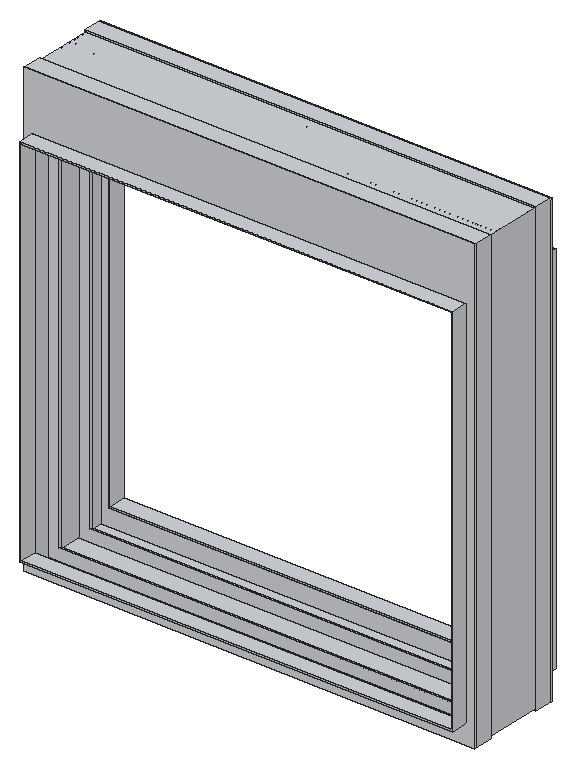
Revit family "FD-ACHP", category Mechanical Equipment, Revit 2015
Parameters
  URL = "https://unitedenertech.com/catalog/pdf/A-19%20%20FD-ACHP.pdf"
  Type Comments = "Max. Sizes are (Rectangular or Oval, Vertical or Horizontal 48\"w x 48\"h) (Round Vertical 42\" Diameter) (Round Horizontal 35\" Diameter)"
  Model = "FD-ACHP"
  Manufacturer = "United Enertech Corporation"
  Keynote = "Rectangular Transitions Shown, Consult Factory for Models with Round or Oval Transitions"
  Duct Width [instance] = Damper Width - 0' 1"  # 1' - 11"
  Duct Height [instance] = Damper Height - 0' 1" - (if(Damper Height < 1' 10 1/4", 0' 2", if(Damper Height < 2' 11 1/4", 0' 3", if(Damper Height < 3' 10 1/4", 0' 4", if(Damper Height < 4' 0 1/4", 0' 5", 0' 5")))))  # 1' - 8"
  Damper Width = 2' - 0"
  Description = "Welded Curtain Fire Damper for use in Static Systems"
  Damper Height = 2' - 0"
  Depth = 0' - 5"
  Blade Width [instance] = Damper Width - 0' 0 1/8"  # 1' - 11 7/8"
  Blade Pair Number [instance] = (Damper Height - 0' 0 9/128") / 0' 3 7/8"  # 6
  "B" = if(Damper Height < 1' 10 1/4", 0' 2", if(Damper Height < 2' 11 1/4", 0' 3", if(Damper Height < 3' 10 1/4", 0' 4", if(Damper Height < 4' 0 1/4", 0' 5", 0' 5"))))  # 0' - 3"
Reference planes (in)
  plane 1 "Center (Front/Back)": y = 0
  plane 2: z = 0
  plane 3 "Center (Left/Right)": x = 0
  plane 4: x = -12
  plane 5: x = 12
  plane 6: y = -2.5
  plane 7: y = 2.5
  plane 8: z = 24
  plane 9: x = -11.9641
  plane 10: x = 11.9641
  plane 11: z = 0.0359
  plane 12: z = 23.9641
  plane 13: y = 1.09375
  plane 14: y = -1.09375
  plane 15: y = -0.96875
  plane 16: y = 0.96875
  plane 17: z = 0.6609
  plane 18: x = -11.3391
  plane 19: x = 11.3391
  plane 20: z = 23.3391
  plane 21: z = 21
  plane 22: z = 21.0359
  plane 23: x = -0.25
  plane 24: x = 0.25
  plane 25: z = 12
Forms (in)
  Extrusion 1, solid
    sketch origin (0, 0, 0) x (1, 0, 0) y (0, 0, 1)
      loop
        line (-11.9641, 23.9641) -> (-11.9641, 0.0359) -> (11.9641, 0.0359) -> (11.9641, 23.9641) -> (-11.9641, 23.9641)
      loop
        line (-12, 24) -> (-12, 0) -> (12, 0) -> (12, 24) -> (-12, 24)
    from -2.5 to 2.5
  Extrusion 2, solid
    sketch origin (0, 0, 0) x (1, 0, 0) y (0, 0, 1)
      loop
        line (-11.3391, 23.3391) -> (-11.3391, 0.6609) -> (11.3391, 0.6609) -> (11.3391, 23.3391) -> (-11.3391, 23.3391)
      loop
        line (-11.9641, 23.9641) -> (-11.9641, 0.0359) -> (11.9641, 0.0359) -> (11.9641, 23.9641) -> (-11.9641, 23.9641)
    from 0.96875 to 1.09375
  Extrusion 3, solid
    sketch origin (0, 0, 0) x (1, 0, 0) y (0, 0, 1)
      loop
        line (-11.3391, 23.3391) -> (-11.3391, 0.6609) -> (11.3391, 0.6609) -> (11.3391, 23.3391) -> (-11.3391, 23.3391)
      loop
        line (-11.9641, 23.9641) -> (-11.9641, 0.0359) -> (11.9641, 0.0359) -> (11.9641, 23.9641) -> (-11.9641, 23.9641)
    from -1.09375 to -0.96875
  Extrusion 4, solid
    sketch origin (0, 0, 0) x (0, 1, 0) y (0, 0, 1)
      loop
        line (0.96875, 23.9641) -> (0.93285, 23.9641) -> (0.93285, 21) -> (1.43285, 21) -> (1.43285, 21.45) -> (1.39695, 21.45) -> (1.39695, 21.0359) -> (0.96875, 21.0359) -> (0.96875, 23.9641)
    from -0.25 to 0.25
  Extrusion 5, solid
    sketch origin (0, 0, 0) x (0, -1, 0) y (0, 0, -1)
      loop
        line (0.96875, -23.9641) -> (0.96875, -21.0359) -> (1.39695, -21.0359) -> (1.39695, -21.45) -> (1.43285, -21.45) -> (1.43285, -21) -> (0.93285, -21) -> (0.93285, -23.9641) -> (0.96875, -23.9641)
    from -0.25 to 0.25
Dimensions and locks (in)
  equal spacing: plane 4, plane 3 "Center (Left/Right)", plane 5
  "Damper Width": plane 4 to plane 5
  equal spacing: plane 7, plane 1 "Center (Front/Back)", plane 6
  "Depth": plane 7 to plane 6
  "Damper Height": plane 8 to level
  locked: plane 9 to plane 4 at 0.0359
  locked: plane 5 to plane 10 at 0.0359
  locked: plane 8 to plane 12 at 0.0359
  locked: plane 11 to level at 0.0359
  locked: plane 13 to plane 14 at 2.1875
  locked: plane 15 to plane 14 at 0.125
  locked: plane 13 to plane 16 at 0.125
  locked: plane 18 to plane 9 at 0.625
  locked: plane 10 to plane 19 at 0.625
  locked: plane 17 to plane 11 at 0.625
  locked: plane 12 to plane 20 at 0.625
  ""B"": plane 8 to plane 21
  locked: plane 22 to plane 21 at 0.0359
  equal spacing: group 1, group 2, group 3, group 4, group 5, group 6  (x2)
  equal spacing: group 6, group 5, group 4, group 3, group 2, group 1
  locked: nested 1 to nested 2 at 0.40625
  equal spacing: plane 8, plane 25, level
  aligned and locked: level to plane 2
  aligned and locked: level to Extrusion 1 sketch curve
  aligned and locked: Extrusion 1 sketch curve to plane 4
  aligned and locked: Extrusion 1 sketch curve to plane 5
  aligned and locked: Extrusion 1 sketch curve to plane 8
  aligned and locked: Extrusion 1 sketch curve to plane 12
  aligned and locked: plane 10 to Extrusion 1 sketch curve
  aligned and locked: plane 11 to Extrusion 1 sketch curve
  aligned and locked: plane 9 to Extrusion 1 sketch curve
  aligned and locked: plane 7 to Extrusion 1
  aligned and locked: Extrusion 1 to plane 6
  aligned and locked: plane 11 to Extrusion 2 sketch curve
  aligned and locked: plane 9 to Extrusion 2 sketch curve
  aligned and locked: plane 10 to Extrusion 2 sketch curve
  aligned and locked: Extrusion 2 sketch curve to plane 12
  aligned and locked: Extrusion 2 sketch curve to plane 20
  aligned and locked: Extrusion 2 sketch curve to plane 19
  aligned and locked: plane 17 to Extrusion 2 sketch curve
  aligned and locked: Extrusion 2 sketch curve to plane 18
  aligned and locked: plane 13 to Extrusion 3
  aligned and locked: Extrusion 3 to plane 16
  aligned and locked: plane 15 to Extrusion 2
  aligned and locked: Extrusion 2 to plane 14
  aligned and locked: plane 3 "Center (Left/Right)" to nested 1
  aligned and locked: plane 12 to nested 1
  aligned and locked: plane 21 to Extrusion 4 sketch curve
  aligned and locked: plane 23 to Extrusion 5
  aligned and locked: plane 23 to Extrusion 4
  aligned and locked: plane 24 to Extrusion 5
  aligned and locked: plane 24 to Extrusion 4
  aligned and locked: plane 22 to nested 4
  aligned and locked: plane 3 "Center (Left/Right)" to nested 5
  aligned and locked: nested 5 to plane 6
  aligned and locked: level to nested 5
  aligned and locked: nested 6 to level
Automatic sketch dimensions
  Extrusion 3 sketch curve to plane 9 = 0' - 0"
  Extrusion 3 sketch curve to plane 17 = 0' - 0"
  plane 18 to Extrusion 3 sketch curve = 0' - 0"
  Extrusion 3 sketch curve to plane 19 = 0' - 0"
  plane 10 to Extrusion 3 sketch curve = 0' - 0"
  Extrusion 3 sketch curve to plane 11 = 0' - 0"
  Extrusion 3 sketch curve to plane 20 = 0' - 0"
  Extrusion 3 sketch curve to plane 12 = 0' - 0"
  Extrusion 4 sketch curve to plane 12 = 0' - 0"
  Extrusion 4 sketch curve to plane 16 = 0' - 0"
  plane 22 to Extrusion 4 sketch curve = 0' - 0"
  Extrusion 4 sketch curve to plane 16 = 0' - 0.0359"
  plane 13 to Extrusion 4 sketch curve = 0' - 0.3032"
  Extrusion 4 sketch curve to Extrusion 4 sketch curve = 0' - 0.0359"
  Extrusion 4 sketch curve to plane 22 = 0' - 0.4141"
  Extrusion 5 sketch curve to plane 21 = 0' - 0"
  Extrusion 5 sketch curve to plane 12 = 0' - 0"
  Extrusion 5 sketch curve to plane 15 = 0' - 0"
  plane 22 to Extrusion 5 sketch curve = 0' - 0"
  Extrusion 5 sketch curve to plane 15 = 0' - 0.0359"
  plane 14 to Extrusion 5 sketch curve = 0' - 0.3032"
  Extrusion 5 sketch curve to Extrusion 5 sketch curve = 0' - 0.0359"
  plane 22 to Extrusion 5 sketch curve = 0' - 0.4141"
Nested families (in)
  nested 1: "FD-SALB BLADESEDITED" at (0, 1.17008, 23.12138), type "FD-SALB BLADESEDITED"
  nested 2: "FD-SALB BLADESEDITED" at (0, 1.17008, 22.71513), type "FD-SALB BLADESEDITED"
  nested 3: "FD-SALB BLADESEDITED" at (0, 1.17008, 22.30888), type "FD-SALB BLADESEDITED"
  nested 4: "EFL" at (4.62017, 3.54736, 21.0359), type "EFL"
  nested 5: "Transition" at (0, -2.5, 12), type "Transition"
    with Duct Width 1' - 11", Duct Height 1' - 8", Damper Width 2' - 0", Damper Height 2' - 0"
  nested 6: "Transition" at (0, 2.5, 12), type "Transition"
    with Duct Width 1' - 11", Duct Height 1' - 8", Damper Width 2' - 0", Damper Height 2' - 0"
  nested 7: "FD-SALB BLADESEDITED" at (0, 1.17008, 21.90263), type "FD-SALB BLADESEDITED"
  nested 8: "FD-SALB BLADESEDITED" at (0, 1.17008, 21.49638), type "FD-SALB BLADESEDITED"
  nested 9: "FD-SALB BLADESEDITED" at (0, 1.17008, 21.09013), type "FD-SALB BLADESEDITED"
Definition of nested family "FD-SALB BLADESEDITED"
  Parameters (values of type "FD-SALB BLADESEDITED")
    Blade Width = 1' - 11 7/8"
  Reference planes (in)
    plane 1 "Center (Front/Back)": y = 0
    plane 2: z = 0
    plane 3 "Center (Left/Right)": x = 0
    plane 4: x = -11.9375
    plane 5: x = 11.9375
  Forms (in)
    Extrusion 1, solid
      sketch origin (0, 0, 0) x (0, 1, 0) y (0, 0, 1)
        loop
          line (-0.31672, 0.53073) -> (-0.3446, 0.62657)
          arc (-0.3446, 0.62657) -> (-0.33726, 0.6415) -> (-0.32269, 0.63348) r 0.0115
          line (-0.32269, 0.63348) -> (-0.30545, 0.53536)
          arc (-0.30545, 0.53536) -> (-0.31611, 0.49773) -> (-0.35217, 0.48264) r 0.045
          line (-0.35217, 0.48264) -> (-0.39872, 0.48554)
          arc (-0.39872, 0.48554) -> (-0.42675, 0.49692) -> (-0.44125, 0.52348) r 0.045
          line (-0.44125, 0.52348) -> (-0.47071, 0.66865)
          arc (-0.47071, 0.66865) -> (-0.48965, 0.70349) -> (-0.5262, 0.7189) r 0.06
          line (-0.5262, 0.7189) -> (-1.55698, 0.78305) -> (-1.76244, 0.79584)
          arc (-1.76244, 0.79584) -> (-1.79846, 0.78683) -> (-1.82228, 0.75836) r 0.06
          line (-1.82228, 0.75836) -> (-1.88016, 0.61423)
          arc (-1.88016, 0.61423) -> (-1.90974, 0.57877) -> (-1.95445, 0.56733) r 0.075
          arc (-1.95445, 0.56733) -> (-2.03902, 0.60869) -> (-2.06957, 0.69773) r 0.123
          line (-2.06957, 0.69773) -> (-2.06418, 0.78456)
          arc (-2.06418, 0.78456) -> (-2.05371, 0.80551) -> (-2.03138, 0.81256) r 0.03
          line (-2.03138, 0.81256) -> (-1.90763, 0.80489) -> (-1.90763, 0.8362) -> (-2.01284, 0.84272) -> (-2.04641, 0.84272)
          arc (-2.04641, 0.84272) -> (-2.08042, 0.82292) -> (-2.09536, 0.7865) r 0.06125
          line (-2.09536, 0.7865) -> (-2.10077, 0.69966)
          arc (-2.10077, 0.69966) -> (-2.06244, 0.58801) -> (-1.95639, 0.53614) r 0.15425
          arc (-1.95639, 0.53614) -> (-1.89306, 0.55235) -> (-1.8512, 0.60257) r 0.10625
          line (-1.8512, 0.60257) -> (-1.7933, 0.74674)
          arc (-1.7933, 0.74674) -> (-1.78183, 0.76038) -> (-1.76452, 0.76466) r 0.02875
          line (-1.76452, 0.76466) -> (-1.55892, 0.75186) -> (-0.52813, 0.68773)
          arc (-0.52813, 0.68773) -> (-0.51045, 0.68016) -> (-0.50148, 0.66314) r 0.02875
          line (-0.50148, 0.66314) -> (-0.47199, 0.51784)
          arc (-0.47199, 0.51784) -> (-0.4474, 0.47346) -> (-0.4004, 0.45434) r 0.07625
          line (-0.4004, 0.45434) -> (-0.35398, 0.45144)
          arc (-0.35398, 0.45144) -> (-0.29278, 0.47694) -> (-0.27468, 0.54073) r 0.07625
          line (-0.27468, 0.54073) -> (-0.29191, 0.63889)
          arc (-0.29191, 0.63889) -> (-0.33988, 0.67434) -> (-0.37768, 0.6282) r 0.04327
          line (-0.37768, 0.6282) -> (-0.34677, 0.52199) -> (-0.31672, 0.53073)
      from -11.9375 to 11.9375
    Extrusion 2, solid
      sketch origin (0, 0, 0) x (0, 1, 0) y (0, 0, 1)
        loop
          arc (-0.31635, 0.67497) -> (-0.29361, 0.66856) -> (-0.28256, 0.64768) r 0.03
          line (-0.28256, 0.64768) -> (-0.2714, 0.56286)
          arc (-0.2714, 0.56286) -> (-0.29582, 0.47194) -> (-0.37737, 0.42491) r 0.123
          arc (-0.37737, 0.42491) -> (-0.42275, 0.43328) -> (-0.45469, 0.46664) r 0.075
          line (-0.45469, 0.46664) -> (-0.52225, 0.60648)
          arc (-0.52225, 0.60648) -> (-0.54755, 0.63305) -> (-0.58358, 0.63992) r 0.06
          line (-0.58358, 0.63992) -> (-0.78858, 0.61304) -> (-1.81262, 0.47877)
          arc (-1.81262, 0.47877) -> (-1.84723, 0.46173) -> (-1.86432, 0.42714) r 0.06
          line (-1.86432, 0.42714) -> (-1.88437, 0.27537)
          arc (-1.88437, 0.27537) -> (-1.89734, 0.2499) -> (-1.92301, 0.23735) r 0.045
          line (-1.92301, 0.23735) -> (-1.96868, 0.2314)
          arc (-1.96868, 0.2314) -> (-2.00696, 0.24361) -> (-2.02023, 0.28153) r 0.045
          line (-2.02023, 0.28153) -> (-2.00995, 0.379)
          arc (-2.00995, 0.379) -> (-1.99657, 0.38882) -> (-1.98728, 0.37505) r 0.0115
          line (-1.98728, 0.37505) -> (-2.00879, 0.27676) -> (-1.97772, 0.26996) -> (-1.95543, 0.37179)
          arc (-1.95543, 0.37179) -> (-1.99381, 0.41919) -> (-2.04121, 0.38081) r 0.04313
          line (-2.04121, 0.38081) -> (-2.05127, 0.28509)
          arc (-2.05127, 0.28509) -> (-2.02877, 0.22122) -> (-1.96431, 0.20045) r 0.07625
          line (-1.96431, 0.20045) -> (-1.91897, 0.20638)
          arc (-1.91897, 0.20638) -> (-1.87533, 0.22771) -> (-1.85342, 0.27106) r 0.07625
          line (-1.85342, 0.27106) -> (-1.83333, 0.42305)
          arc (-1.83333, 0.42305) -> (-1.82514, 0.43962) -> (-1.80853, 0.44779) r 0.02875
          line (-1.80853, 0.44779) -> (-0.78452, 0.58205) -> (-0.57967, 0.60892)
          arc (-0.57967, 0.60892) -> (-0.56246, 0.60559) -> (-0.55039, 0.5929) r 0.02875
          line (-0.55039, 0.5929) -> (-0.48278, 0.45303)
          arc (-0.48278, 0.45303) -> (-0.4376, 0.40578) -> (-0.37331, 0.39393) r 0.10625
          arc (-0.37331, 0.39393) -> (-0.27103, 0.4529) -> (-0.24041, 0.56695) r 0.15425
          line (-0.24041, 0.56695) -> (-0.2515, 0.65113)
          arc (-0.2515, 0.65113) -> (-0.27433, 0.69316) -> (-0.32041, 0.70596) r 0.06125
          line (-0.32041, 0.70596) -> (-0.44437, 0.68971) -> (-0.44031, 0.65872) -> (-0.31635, 0.67497)
      from -11.9375 to 11.9375
  Dimensions and locks (in)
    equal spacing: plane 4, plane 3 "Center (Left/Right)", plane 5
    "Blade Width": plane 4 to plane 5
    aligned and locked: level to plane 2
    aligned and locked: plane 4 to Extrusion 1
    aligned and locked: plane 4 to Extrusion 2
    aligned and locked: plane 5 to Extrusion 1
    aligned and locked: plane 5 to Extrusion 2
  Automatic sketch dimensions
    Extrusion 2 sketch curve to Extrusion 2 sketch curve = 0' - 0"  (x35)
    level to Extrusion 2 sketch curve = 0' - 0.28509"
    plane 1 "Center (Front/Back)" to Extrusion 2 sketch curve = 0' - 2.05127"
    level to Extrusion 2 sketch curve = 0' - 0.38081"
    Extrusion 2 sketch curve to Extrusion 2 sketch curve = 0' - 0.01006"
    level to Extrusion 2 sketch curve = 0' - 0.28153"
    Extrusion 2 sketch curve to Extrusion 2 sketch curve = 0' - 0.03105"
    level to Extrusion 2 sketch curve = 0' - 0.27676"
    Extrusion 2 sketch curve to Extrusion 2 sketch curve = 0' - 0.01143"  (x2)
    Extrusion 2 sketch curve to Extrusion 2 sketch curve = 0' - 0.04266"
    Extrusion 2 sketch curve to Extrusion 2 sketch curve = 0' - 0.00023"
    level to Extrusion 2 sketch curve = 0' - 0.26996"
    Extrusion 2 sketch curve to Extrusion 2 sketch curve = 0' - 0.03107"
    Extrusion 2 sketch curve to Extrusion 2 sketch curve = 0' - 0.00213"
    level to Extrusion 2 sketch curve = 0' - 0.2314"
    Extrusion 2 sketch curve to Extrusion 2 sketch curve = 0' - 0.00904"
    level to Extrusion 2 sketch curve = 0' - 0.20045"
    level to Extrusion 2 sketch curve = 0' - 0.37179"
    Extrusion 2 sketch curve to Extrusion 2 sketch curve = 0' - 0.0467"
    level to Extrusion 2 sketch curve = 0' - 0.27537"
    Extrusion 2 sketch curve to Extrusion 2 sketch curve = 0' - 0.04451"
    level to Extrusion 2 sketch curve = 0' - 0.27106"
    Extrusion 2 sketch curve to Extrusion 2 sketch curve = 0' - 0.03095"
    Extrusion 2 sketch curve to Extrusion 2 sketch curve = 0' - 0.0486"
    plane 1 "Center (Front/Back)" to Extrusion 2 sketch curve = 0' - 0.78452"
    Extrusion 2 sketch curve to Extrusion 2 sketch curve = 0' - 0.20094"
    Extrusion 2 sketch curve to Extrusion 2 sketch curve = 0' - 0 1/256"  (x2)
    Extrusion 2 sketch curve to Extrusion 2 sketch curve = 0' - 0.0034"
    Extrusion 2 sketch curve to Extrusion 2 sketch curve = 0' - 0.13921"
    Extrusion 2 sketch curve to Extrusion 2 sketch curve = 0' - 0.00406"  (x3)
    Extrusion 2 sketch curve to Extrusion 2 sketch curve = 0' - 0.04695"
    Extrusion 2 sketch curve to Extrusion 2 sketch curve = 0' - 0.00624"
    Extrusion 2 sketch curve to Extrusion 2 sketch curve = 0' - 0.0809"
    Extrusion 2 sketch curve to Extrusion 2 sketch curve = 0' - 0.0299"
    Extrusion 2 sketch curve to Extrusion 2 sketch curve = 0' - 0.03106"
    Extrusion 2 sketch curve to Extrusion 2 sketch curve = 0' - 0.00661"
    Extrusion 2 sketch curve to Extrusion 2 sketch curve = 0' - 0.00119"
    Extrusion 2 sketch curve to Extrusion 2 sketch curve = 0' - 0.14822"
    level to Extrusion 2 sketch curve = 0' - 0.49927"
    Extrusion 2 sketch curve to Extrusion 2 sketch curve = 0' - 0.04759"
    Extrusion 2 sketch curve to Extrusion 2 sketch curve = 0' - 0.0335"
    Extrusion 2 sketch curve to Extrusion 2 sketch curve = 0' - 0.00168"
    Extrusion 2 sketch curve to Extrusion 2 sketch curve = 0' - 0.02855"
    Extrusion 2 sketch curve to Extrusion 2 sketch curve = 0' - 0.031"
    Extrusion 2 sketch curve to Extrusion 2 sketch curve = 0' - 0.09835"
    Extrusion 2 sketch curve to Extrusion 2 sketch curve = 0' - 0.00246"
    Extrusion 2 sketch curve to Extrusion 2 sketch curve = 0' - 0.00345"
    Extrusion 2 sketch curve to Extrusion 2 sketch curve = 0' - 0.11186"
    Extrusion 2 sketch curve to Extrusion 2 sketch curve = 0' - 0.03098"  (x3)
    level to Extrusion 2 sketch curve = 0' - 0.37898"
    Extrusion 2 sketch curve to Extrusion 2 sketch curve = 0' - 0.00003"  (x4)
    Extrusion 2 sketch curve to Extrusion 2 sketch curve = 0' - 0.01101"
    level to Extrusion 2 sketch curve = 0' - 0.37505"
    Extrusion 2 sketch curve to Extrusion 2 sketch curve = 0' - 0.00585"
    level to Extrusion 2 sketch curve = 0' - 0.23735"
    Extrusion 2 sketch curve to Extrusion 2 sketch curve = 0' - 0.00404"
    level to Extrusion 2 sketch curve = 0' - 0.20636"
    level to Extrusion 2 sketch curve = 0' - 0.42714"
    Extrusion 2 sketch curve to Extrusion 2 sketch curve = 0' - 0.0595"
    level to Extrusion 2 sketch curve = 0' - 0.42305"
    Extrusion 2 sketch curve to Extrusion 2 sketch curve = 0' - 0.02852"
    Extrusion 2 sketch curve to Extrusion 2 sketch curve = 0' - 0.0207"
    level to Extrusion 2 sketch curve = 0' - 0.47878"
    Extrusion 2 sketch curve to Extrusion 2 sketch curve = 0' - 0.00374"
    level to Extrusion 2 sketch curve = 0' - 0.44779"
    Extrusion 2 sketch curve to Extrusion 2 sketch curve = 0' - 0.02588"
    Extrusion 2 sketch curve to Extrusion 2 sketch curve = 0' - 0.02814"
    Extrusion 2 sketch curve to Extrusion 2 sketch curve = 0' - 0.0957"
    Extrusion 2 sketch curve to Extrusion 2 sketch curve = 0' - 0.00004"  (x2)
    Extrusion 2 sketch curve to Extrusion 2 sketch curve = 0' - 0.02809"
    Extrusion 2 sketch curve to Extrusion 2 sketch curve = 0' - 0.00975"
    Extrusion 2 sketch curve to Extrusion 2 sketch curve = 0' - 0.00796"
    Extrusion 2 sketch curve to Extrusion 2 sketch curve = 0' - 0.01116"
    Extrusion 2 sketch curve to Extrusion 2 sketch curve = 0' - 0.00002"
    Extrusion 1 sketch curve to Extrusion 1 sketch curve = 0' - 0"  (x30)
    level to Extrusion 1 sketch curve = 0' - 0.7827"
    plane 1 "Center (Front/Back)" to Extrusion 1 sketch curve = 0' - 2.03423"
    Extrusion 1 sketch curve to Extrusion 1 sketch curve = 0' - 0.00284"
    Extrusion 1 sketch curve to Extrusion 1 sketch curve = 0' - 0.01854"
    Extrusion 1 sketch curve to Extrusion 1 sketch curve = 0' - 0.08443"
    Extrusion 1 sketch curve to Extrusion 1 sketch curve = 0' - 0.00298"
    Extrusion 1 sketch curve to Extrusion 1 sketch curve = 0' - 0.03918"
    Extrusion 1 sketch curve to Extrusion 1 sketch curve = 0' - 0.14102"
    level to Extrusion 1 sketch curve = 0' - 0.76466"
    Extrusion 1 sketch curve to Extrusion 1 sketch curve = 0' - 0.00209"
    level to Extrusion 1 sketch curve = 0' - 0.79584"
    Extrusion 1 sketch curve to Extrusion 1 sketch curve = 0' - 0.00208"  (x2)
    level to Extrusion 1 sketch curve = 0' - 0.75186"
    Extrusion 1 sketch curve to Extrusion 1 sketch curve = 0' - 0.2056"
    Extrusion 1 sketch curve to Extrusion 1 sketch curve = 0' - 0.00194"  (x2)
    plane 1 "Center (Front/Back)" to Extrusion 1 sketch curve = 0' - 0.52993"
    Extrusion 1 sketch curve to Extrusion 1 sketch curve = 0' - 0.02845"
    Extrusion 1 sketch curve to Extrusion 1 sketch curve = 0' - 0.02949"
    Extrusion 1 sketch curve to Extrusion 1 sketch curve = 0' - 0.03077"  (x2)
    Extrusion 1 sketch curve to Extrusion 1 sketch curve = 0' - 0.03074"
    Extrusion 1 sketch curve to Extrusion 1 sketch curve = 0' - 0.04085"
    Extrusion 1 sketch curve to Extrusion 1 sketch curve = 0' - 0.00168"
    Extrusion 1 sketch curve to Extrusion 1 sketch curve = 0' - 0.04445"
    Extrusion 1 sketch curve to Extrusion 1 sketch curve = 0' - 0.01912"
    Extrusion 1 sketch curve to Extrusion 1 sketch curve = 0' - 0.04641"
    Extrusion 1 sketch curve to Extrusion 1 sketch curve = 0' - 0.00182"
    Extrusion 1 sketch curve to Extrusion 1 sketch curve = 0' - 0.00238"
    Extrusion 1 sketch curve to Extrusion 1 sketch curve = 0' - 0.00302"
    Extrusion 1 sketch curve to Extrusion 1 sketch curve = 0' - 0.03307"
    Extrusion 1 sketch curve to Extrusion 1 sketch curve = 0' - 0.01008"
    Extrusion 1 sketch curve to Extrusion 1 sketch curve = 0' - 0.00072"
    Extrusion 1 sketch curve to Extrusion 1 sketch curve = 0' - 0.01112"
    Extrusion 1 sketch curve to Extrusion 1 sketch curve = 0' - 0.03006"
    Extrusion 1 sketch curve to Extrusion 1 sketch curve = 0' - 0.03078"
    Extrusion 1 sketch curve to Extrusion 1 sketch curve = 0' - 0.02867"
    Extrusion 1 sketch curve to Extrusion 1 sketch curve = 0' - 0.09261"
    level to Extrusion 1 sketch curve = 0' - 0.66865"
    Extrusion 1 sketch curve to Extrusion 1 sketch curve = 0' - 0.00551"
    Extrusion 1 sketch curve to Extrusion 1 sketch curve = 0' - 0.00412"
    Extrusion 1 sketch curve to Extrusion 1 sketch curve = 0' - 0.04791"
    Extrusion 1 sketch curve to Extrusion 1 sketch curve = 0' - 0.02976"
    Extrusion 1 sketch curve to Extrusion 1 sketch curve = 0' - 0.00541"
    Extrusion 1 sketch curve to Extrusion 1 sketch curve = 0' - 0.00087"
    Extrusion 1 sketch curve to Extrusion 1 sketch curve = 0' - 0.00852"
    Extrusion 1 sketch curve to Extrusion 1 sketch curve = 0' - 0.00559"
    Extrusion 1 sketch curve to Extrusion 1 sketch curve = 0' - 0.00702"
    Extrusion 1 sketch curve to Extrusion 1 sketch curve = 0' - 0.00564"
    Extrusion 1 sketch curve to Extrusion 1 sketch curve = 0' - 0.03935"
    Extrusion 1 sketch curve to Extrusion 1 sketch curve = 0' - 0.0312"
    Extrusion 1 sketch curve to Extrusion 1 sketch curve = 0' - 0.03119"
    Extrusion 1 sketch curve to Extrusion 1 sketch curve = 0' - 0.1148"
    Extrusion 1 sketch curve to Extrusion 1 sketch curve = 0' - 0.03131"
    Extrusion 1 sketch curve to Extrusion 1 sketch curve = 0' - 0.02994"
    level to Extrusion 1 sketch curve = 0' - 0.78456"
    Extrusion 1 sketch curve to Extrusion 1 sketch curve = 0' - 0.00539"
    level to Extrusion 1 sketch curve = 0' - 0.69772"
    Extrusion 1 sketch curve to Extrusion 1 sketch curve = 0' - 0.03117"
    Extrusion 1 sketch curve to Extrusion 1 sketch curve = 0' - 0.03118"
    level to Extrusion 1 sketch curve = 0' - 0.69966"
    Extrusion 1 sketch curve to Extrusion 1 sketch curve = 0' - 0.03357"
    Extrusion 1 sketch curve to Extrusion 1 sketch curve = 0' - 0.0066"
    Extrusion 1 sketch curve to Extrusion 1 sketch curve = 0' - 0.06959"
    level to Extrusion 1 sketch curve = 0' - 0.61423"
    Extrusion 1 sketch curve to Extrusion 1 sketch curve = 0' - 0.00004"  (x2)
    Extrusion 1 sketch curve to Extrusion 1 sketch curve = 0' - 0.02896"
    level to Extrusion 1 sketch curve = 0' - 0.60259"
    level to Extrusion 1 sketch curve = 0' - 0.75838"
    Extrusion 1 sketch curve to Extrusion 1 sketch curve = 0' - 0.05778"
    level to Extrusion 1 sketch curve = 0' - 0.74674"
    Extrusion 1 sketch curve to Extrusion 1 sketch curve = 0' - 0.02669"
    Extrusion 1 sketch curve to Extrusion 1 sketch curve = 0' - 0.00179"
    Extrusion 1 sketch curve to Extrusion 1 sketch curve = 0' - 0.00193"
    Extrusion 1 sketch curve to Extrusion 1 sketch curve = 0' - 0.01125"
    Extrusion 1 sketch curve to Extrusion 1 sketch curve = 0' - 0.00003"
    Extrusion 1 sketch curve to Extrusion 1 sketch curve = 0' - 0.05622"
    Extrusion 1 sketch curve to Extrusion 1 sketch curve = 0' - 0.03016"
Definition of nested family "EFL"
  Reference planes (in)
    plane 1 "Center (Front/Back)": y = 0
    plane 2: z = 0
    plane 3 "Center (Left/Right)": x = 0
  Forms (in)
    Extrusion 1, solid
      sketch origin (0, 0, 0) x (1, 0, 0) y (0, 1, 0)
        loop
          arc (-4.87017, -4.05324) -> (-4.81525, -4.18582) -> (-4.68267, -4.24074) r 0.1875
          line (-4.68267, -4.24074) -> (-4.55767, -4.24074)
          arc (-4.55767, -4.24074) -> (-4.42508, -4.18582) -> (-4.37017, -4.05324) r 0.1875
          line (-4.37017, -4.05324) -> (-4.37017, -3.41574) -> (-4.87017, -3.41574) -> (-4.87017, -4.05324)
        loop
          circle (-4.62017, -4.05324) r 0.0625
      from 0.1 to 0.05
    Extrusion 2, solid
      sketch origin (-9.24033, -7.08147, 0) x (-1, 0, 0) y (0, -1, 0)
        loop
          arc (-4.87017, -4.05324) -> (-4.81525, -4.18582) -> (-4.68267, -4.24074) r 0.1875
          line (-4.68267, -4.24074) -> (-4.55767, -4.24074)
          arc (-4.55767, -4.24074) -> (-4.42508, -4.18582) -> (-4.37017, -4.05324) r 0.1875
          line (-4.37017, -4.05324) -> (-4.37017, -3.41574) -> (-4.87017, -3.41574) -> (-4.87017, -4.05324)
        loop
          circle (-4.62017, -4.05324) r 0.0625
      from 0 to 0.05
    Sweep 3, solid
      path in 3D
        loop
          line (-4.62017, -4.16421, 0) -> (-4.62017, -4.22608, 0)
          arc (-4.62017, -4.22608, 0) -> (-4.65678, -4.31447, 0) -> (-4.74517, -4.35108, 0) r 0.125
          line (-4.74517, -4.35108, 0) -> (-4.92568, -4.35108, 0)
          arc (-4.92568, -4.35108, 0) -> (-5.02859, -4.454, 0) -> (-4.92568, -4.55691, 0) r 0.10291
          line (-4.92568, -4.55691, 0) -> (-4.62017, -4.55691, 0) -> (-4.31465, -4.55691, 0)
          arc (-4.31465, -4.55691, 0) -> (-4.21174, -4.454, 0) -> (-4.31465, -4.35108, 0) r 0.10291
          line (-4.31465, -4.35108, 0) -> (-4.58427, -4.35108, 0)
      profile origin (-4.62017, -4.19515, 0) x (1, 0, 0) y (0, 0, 1)
        loop
          circle (0, 0) r 0.03202
    Sweep 4, solid
      path in 3D
        loop
          line (-4.62017, -4.283, 0.1526) -> (-4.62017, -4.12297, 0.1526)
          arc (-4.62017, -4.12297, 0.1526) -> (-4.62017, -4.04635, 0.07598) -> (-4.62017, -4.12297, -0.00063) r 0.07662
          line (-4.62017, -4.12297, -0.00063) -> (-4.62017, -4.16421, -0.00063)
      profile origin (-4.62017, -4.14359, -0.00063) x (0, 0, -1) y (1, 0, 0)
        loop
          circle (0, 0) r 0.03138
    Sweep 5, solid
      path in 3D
        loop
          line (-4.62017, -2.91726, 0) -> (-4.62017, -2.85539, 0)
          arc (-4.62017, -2.85539, 0) -> (-4.65678, -2.767, 0) -> (-4.74517, -2.73039, 0) r 0.125
          line (-4.74517, -2.73039, 0) -> (-4.92568, -2.73039, 0)
          arc (-4.92568, -2.73039, 0) -> (-5.02859, -2.62747, 0) -> (-4.92568, -2.52456, 0) r 0.10291
          line (-4.92568, -2.52456, 0) -> (-4.62017, -2.52456, 0) -> (-4.31465, -2.52456, 0)
          arc (-4.31465, -2.52456, 0) -> (-4.21174, -2.62747, 0) -> (-4.31465, -2.73039, 0) r 0.10291
          line (-4.31465, -2.73039, 0) -> (-4.58427, -2.73039, 0)
      profile origin (-4.62017, -2.88633, 0) x (-1, 0, 0) y (0, 0, 1)
        loop
          circle (0, 0) r 0.03202
    Sweep 6, solid
      path in 3D
        loop
          line (-4.62017, -2.79848, 0.1526) -> (-4.62017, -2.95851, 0.1526)
          arc (-4.62017, -2.95851, 0.1526) -> (-4.62017, -3.03512, 0.07598) -> (-4.62017, -2.95851, -0.00063) r 0.07662
          line (-4.62017, -2.95851, -0.00063) -> (-4.62017, -2.91726, -0.00063)
      profile origin (-4.62017, -2.93788, -0.00063) x (0, 0, 1) y (1, 0, 0)
        loop
          circle (0, 0) r 0.03138
  Lines and regions (in)
    sketch lines
      curve 1: line (-4.62017, -4.16421, 0) -> (-4.62017, -4.22608, 0)
      curve 2: arc (-4.74517, -4.35108, 0) -> (-4.65678, -4.31447, 0) -> (-4.62017, -4.22608, 0) r 0.125
      curve 3: line (-4.74517, -4.35108, 0) -> (-4.92568, -4.35108, 0)
      curve 4: arc (-4.92568, -4.35108, 0) -> (-5.02859, -4.454, 0) -> (-4.92568, -4.55691, 0) r 0.10291
      curve 5: line (-4.62017, -4.55691, 0) -> (-4.92568, -4.55691, 0)
      curve 6: line (-4.62017, -4.55691, 0) -> (-4.31465, -4.55691, 0)
      curve 7: arc (-4.31465, -4.55691, 0) -> (-4.21174, -4.454, 0) -> (-4.31465, -4.35108, 0) r 0.10291
      curve 8: line (-4.58427, -4.35108, 0) -> (-4.31465, -4.35108, 0)
      curve 9: line (-4.62017, -4.12297, -0.00063) -> (-4.62017, -4.16421, -0.00063)
      curve 10: arc (-4.62017, -4.12297, -0.00063) -> (-4.62017, -4.04635, 0.07598) -> (-4.62017, -4.12297, 0.1526) r 0.07662
      curve 11: line (-4.62017, -4.12297, 0.1526) -> (-4.62017, -4.283, 0.1526)
      curve 12: line (-4.62017, -2.91726, 0) -> (-4.62017, -2.85539, 0)
      curve 13: arc (-4.74517, -2.73039, 0) -> (-4.65678, -2.767, 0) -> (-4.62017, -2.85539, 0) r 0.125
      curve 14: line (-4.74517, -2.73039, 0) -> (-4.92568, -2.73039, 0)
      curve 15: arc (-4.92568, -2.73039, 0) -> (-5.02859, -2.62747, 0) -> (-4.92568, -2.52456, 0) r 0.10291
      curve 16: line (-4.62017, -2.52456, 0) -> (-4.92568, -2.52456, 0)
      curve 17: line (-4.62017, -2.52456, 0) -> (-4.31465, -2.52456, 0)
      curve 18: arc (-4.31465, -2.52456, 0) -> (-4.21174, -2.62747, 0) -> (-4.31465, -2.73039, 0) r 0.10291
      curve 19: line (-4.58427, -2.73039, 0) -> (-4.31465, -2.73039, 0)
      curve 20: line (-4.62017, -2.95851, -0.00063) -> (-4.62017, -2.91726, -0.00063)
      curve 21: arc (-4.62017, -2.95851, -0.00063) -> (-4.62017, -3.03512, 0.07598) -> (-4.62017, -2.95851, 0.1526) r 0.07662
      curve 22: line (-4.62017, -2.95851, 0.1526) -> (-4.62017, -2.79848, 0.1526)
  Dimensions and locks (in)
    aligned and locked: level to plane 2
Definition of nested family "Transition"
  Parameters (values of type "Transition")
    Duct Width = 2' - 0"
    Duct Height = 2' - 0"
    Damper Width = 3' - 0"
    Damper Height = 3' - 0"
  Reference planes (in)
    plane 1 "Center (Front/Back)": y = 0
    plane 2: z = 0
    plane 3 "Center (Left/Right)": x = 0
    plane 4: z = -18
    plane 5: z = 18
    plane 6: x = -18
    plane 7: x = 18
    plane 8: x = -18.06
    plane 9: z = 18.06
    plane 10: x = 18.06
    plane 11: z = -18.06
    plane 12: x = -12
    plane 13: z = 7
    plane 14: z = -17
    plane 15: x = 12
    plane 16: x = -12.06
    plane 17: z = 7.06
    plane 18: z = -17.06
    plane 19: x = 12.06
    plane 20: y = 1
    plane 21: y = -0.935
    plane 22: y = -0.06
  Forms (in)
    Extrusion 1, solid
      sketch origin (0, 0, 0) x (1, 0, 0) y (0, 0, 1)
        loop
          line (-18, 18) -> (-18, -18) -> (18, -18) -> (18, 18) -> (-18, 18)
        loop
          line (-18.06, 18.06) -> (-18.06, -18.06) -> (18.06, -18.06) -> (18.06, 18.06) -> (-18.06, 18.06)
      from -1 to 0
    Extrusion 2, solid
      sketch origin (0, 0, 0) x (1, 0, 0) y (0, 0, 1)
        loop
          line (-12.06, 7.06) -> (-12.06, -17.06) -> (12.06, -17.06) -> (12.06, 7.06) -> (-12.06, 7.06)
        loop
          line (-18.06, 18.06) -> (-18.06, -18.06) -> (18.06, -18.06) -> (18.06, 18.06) -> (-18.06, 18.06)
      from 0 to 0.06
    Extrusion 3, solid
      sketch origin (0, 0, 0) x (1, 0, 0) y (0, 0, 1)
        loop
          line (-12.06, 7.06) -> (-12.06, -17.06) -> (12.06, -17.06) -> (12.06, 7.06) -> (-12.06, 7.06)
        loop
          line (-12, 7) -> (-12, -17) -> (12, -17) -> (12, 7) -> (-12, 7)
      from 0 to 0.935
  Dimensions and locks (in)
    equal spacing: plane 7, plane 3 "Center (Left/Right)", plane 6
    "Damper Width": plane 7 to plane 6
    equal spacing: plane 5, level, plane 4
    "Damper Height": plane 5 to plane 4
    locked: plane 9 to plane 5 at 0.06
    locked: plane 8 to plane 6 at 0.06
    locked: plane 7 to plane 10 at 0.06
    locked: plane 4 to plane 11 at 0.06
    equal spacing: plane 12, plane 3 "Center (Left/Right)", plane 15
    "Duct Width": plane 12 to plane 15
    locked: plane 14 to plane 4 at 1
    "Duct Height": plane 13 to plane 14
    locked: plane 16 to plane 12 at 0.06
    locked: plane 15 to plane 19 at 0.06
    locked: plane 14 to plane 18 at 0.06
    locked: plane 17 to plane 13 at 0.06
    locked: plane 20 to plane 1 "Center (Front/Back)" at 1
    locked: plane 22 to plane 1 "Center (Front/Back)" at 0.06
    locked: plane 22 to plane 21 at 0.875
    aligned and locked: level to plane 2
    aligned and locked: Extrusion 1 sketch curve to plane 8
    aligned and locked: Extrusion 1 sketch curve to plane 10
    aligned and locked: Extrusion 1 sketch curve to plane 11
    aligned and locked: Extrusion 1 sketch curve to plane 9
    aligned and locked: Extrusion 1 sketch curve to plane 5
    aligned and locked: Extrusion 1 sketch curve to plane 6
    aligned and locked: Extrusion 1 sketch curve to plane 7
    aligned and locked: plane 4 to Extrusion 1 sketch curve
    aligned and locked: plane 20 to Extrusion 1
    aligned and locked: plane 1 "Center (Front/Back)" to Extrusion 1
    aligned and locked: Extrusion 2 sketch curve to plane 8
    aligned and locked: Extrusion 2 sketch curve to plane 10
    aligned and locked: Extrusion 2 sketch curve to plane 9
    aligned and locked: Extrusion 2 sketch curve to plane 11
    aligned and locked: plane 18 to Extrusion 2 sketch curve
    aligned and locked: Extrusion 2 sketch curve to plane 16
    aligned and locked: Extrusion 2 sketch curve to plane 17
    aligned and locked: Extrusion 2 sketch curve to plane 19
    aligned and locked: Extrusion 2 to plane 1 "Center (Front/Back)"
    aligned and locked: Extrusion 2 to plane 22
    aligned and locked: Extrusion 3 sketch curve to plane 16
    aligned and locked: Extrusion 3 sketch curve to plane 17
    aligned and locked: Extrusion 3 sketch curve to plane 19
    aligned and locked: plane 18 to Extrusion 3 sketch curve
    aligned and locked: plane 15 to Extrusion 3 sketch curve
    aligned and locked: plane 14 to Extrusion 3 sketch curve
    aligned and locked: Extrusion 3 sketch curve to plane 12
    aligned and locked: Extrusion 3 sketch curve to plane 13
    aligned and locked: Extrusion 3 to plane 1 "Center (Front/Back)"
    aligned and locked: Extrusion 3 to plane 21
